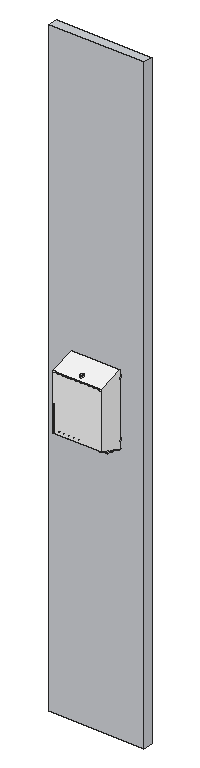
Revit family "IDP_Furniture_DIS913-PAPER TOWEL DISPENSER", category Furniture, host Face, Revit 2026
Family settings
  Host = Face
  Classification Number = 23.40.20.21.17
  Enable Cutting in Views = No
  Cut with Voids When Loaded = No
  Render Appearance Source = Family Geometry
  Shared = Yes
  Room Calculation Point = Yes
Parameters (values of type "DIS913")
  WarrantyStartDate [instance] = "1900-12-31T23:59:59"
  WarrantyGuarantorParts = ""
  WarrantyGuarantorLabor = "n/a"
  WarrantyDurationUnit = ""
  WarrantyDurationParts = ""
  WarrantyDurationLabor = ""
  WarrantyDescription = ""
  Version = "2"  # constant formula
  Uniclass2015_Pr = "Pr_40_70_22_62 : Paper towel dispensers"
  Uniclass2015Version = "Products v1.7"
  Uniclass2015Title = "Paper towel dispensers"
  Uniclass2015Code = "Pr_40_70_22_62"
  Type IFC Predefined Type = "NOTDEFINED"
  TowelsWidth = "250 mm max"
  TowelsTowelType = "C fold or multi-fold interleaved"
  TagNumber [instance] = "n/a"
  SustainabilityPerformance = "n/a"
  Style = "Paper Towel Dispenser"
  Size = "260 x 378 x 124 mm"
  Shape = "n/a"
  SerialNumber [instance] = "n/a"
  SFG20 = ""
  Revision = "n/a"
  ReplacementCost = "n/a"
  Operation = "Manual"
  NominalWidth = 260 mm  # constant formula
  NominalLength = NominalWidth  # 260 mm
  NominalHeight = 378 mm  # constant formula
  NominalDepth = 124 mm  # constant formula
  Name = ""
  NRM3 = ""
  NRM1 = ""
  NBSTypeID = "n/a"
  NBSReference = ""
  NBSOfficeMasterTag = "n/a"
  NBSNote = "n/a"
  NBSDescription = "PAPER TOWEL DISPENSER"
  NBSCertification = ""
  ModelReference = ""
  ModelNumber = "78805"
  MaterialsFinishColour = ""
  MaterialsBody = ""
  Material = ""
  ManufacturerURL = ""
  Manufacturer = ""
  MainColor = ""
  IntegralAccessories = "n/a"
  InstallationDate [instance] = ""
  IfcExportType = "NOTDEFINED"  # constant formula
  IfcExportAs = "IfcFurnitureType"  # constant formula
  Height = 0 mm
  Grade = ""
  Form = "Wall mounted"
  Finish = ""
  Features = ""
  Export Type to IFC As = "IfcFurnitureType"
  ExpectedLife = ""
  EnvironmentalProductDeclaration = "n/a"
  DurationUnit = ""
  DispenserLockMaterial = NBS_Concept
  DispenserCabinetMaterial = NBS_Concept
  Description = "PAPER TOWEL DISPENSER"
  Default Elevation [instance] = 1200 mm
  Constituents = "n/a"
  Color = ""
  CodePerformance = "n/a"
  Category = "Pr_40_70_22_62:Paper towel dispensers"
  BarCode [instance] = "n/a"
  Author = "NBS"  # constant formula
  AssetType = "Fixed"
  AssetIdentifier [instance] = "n/a"
  AccessibilityPerformance = "n/a"
  ADBUserData1 = "R1"
  ADBGroup = "2"
  ADBDescription = "DISPENSER, paper towel, wall mounted"
  ADBCode = "DIS913"
Reference planes
  plane 1 "Center (Front/Back)": y = 0
  plane 2: z = 1076
  plane 3 "Center (Left/Right)": x = 0
  plane 4: x = 130
  plane 5: x = -130
  plane 6: y = 189
  plane 7: y = -189
  plane 8: z = 1200
  plane 9: through (-130, -102.315, 340.534) normal (0, -0.342, 0.9397)
  plane 10: through (-130, -114.754, 38.172) normal (0, -0.342, -0.9397)
  plane 11: y = 1.875
  plane 12: y = -121.125
  plane 13: y = 1.875
  plane 14: y = 1.875
  plane 15: through (-130, -119.672, 39.21) normal (0, 0.342, 0.9397)
  plane 16: through (-130, -124.02, 41.857) normal (0, 0.342, 0.9397)
  plane 17: through (-120, -117.997, 39.665) normal (0, 0.3359, 0.9419)
  plane 18: y = -116.725
  plane 19: y = 0
  plane 20: y = -76.188
  plane 21: y = -49.268
  plane 22: through (0, -49.268, 13.667) normal (0, -0.342, -0.9397)
  plane 23: through (-130, -102.315, 1540.534) normal (0, -0.342, 0.9397)
  plane 24: through (-130, -114.754, 1238.172) normal (0, -0.342, -0.9397)
  plane 25: y = 1.875
  plane 26: y = -121.125
  plane 27: y = 1.875
  plane 28: y = 1.875
  plane 29: through (-130, -119.672, 1239.21) normal (0, 0.342, 0.9397)
  plane 30: through (-130, -124.02, 1241.857) normal (0, 0.342, 0.9397)
  plane 31: through (-120, -117.997, 1239.665) normal (0, 0.3359, 0.9419)
  plane 32: y = -116.725
  plane 33: y = 0
  plane 34: y = -76.188
  plane 35: y = -49.268
  plane 36: through (0, -49.268, 1213.667) normal (0, -0.342, -0.9397)
Forms (mm)
  Extrusion 1, solid
    sketch origin (0, 2.973, 2.973) x (1, 0, 0) y (0, 0, 1)
      loop
        line (-250, 3084.529) -> (-250, -185.527) -> (255.965, -185.527) -> (255.965, 3084.529) -> (-250, 3084.529)
    from 0 to -50
  Extrusion 2, solid, material "NBS_Concept" <- "DispenserCabinetMaterial", not visible, detail levels medium+fine
    sketch origin (-130, 2.973, 189) x (0, 0, 1) y (0, -1, 0)
      loop
        arc (145.134, 122.87) -> (144.451, 123.76) -> (143.381, 124.098) r 1.865
        line (143.381, 124.098) -> (-148.509, 124.098) -> (-188.393, 14.518)
        arc (-188.393, 14.518) -> (-187.188, 5.362) -> (-178.996, 1.098) r 10
        line (-178.996, 1.098) -> (189.456, 1.098) -> (145.134, 122.87)
    from 0 to 260
  Extrusion 3, solid, material "NBS_Concept" <- "DispenserCabinetMaterial", not visible, detail levels medium+fine
    sketch origin (-130, 2.973, 189) x (0, 0, 1) y (0, -1, 0)
      loop
        line (-189, 0) -> (-188, 0) -> (-188, 3.098)
        arc (-188, 3.098) -> (-187.736, 3.734) -> (-187.1, 3.998) r 0.9
        line (-187.1, 3.998) -> (-185.956, 3.998)
        arc (-185.956, 3.998) -> (-186.483, 4.446) -> (-186.913, 4.988) r 3.569
        arc (-186.913, 4.988) -> (-188.376, 4.506) -> (-189, 3.098) r 1.9
        line (-189, 3.098) -> (-189, 0)
    from 0 to 260
  Extrusion 4, solid, not visible, detail levels medium+fine
    sketch origin (-130, 2.973, 189) x (0, 0, 1) y (0, -1, 0)
      loop
        arc (-152.069, 1.098) -> (-151.305, 0.332) -> (-150.276, 0) r 2.303
        line (-150.276, 0) -> (-135.916, 0)
        arc (-135.916, 0) -> (-134.918, 0.382) -> (-134.123, 1.098) r 2.923
        line (-134.123, 1.098) -> (-152.069, 1.098)
      loop
        arc (147.931, 1.098) -> (148.695, 0.332) -> (149.724, 0) r 2.303
        line (149.724, 0) -> (164.084, 0)
        arc (164.084, 0) -> (165.082, 0.382) -> (165.877, 1.098) r 2.923
        line (165.877, 1.098) -> (147.931, 1.098)
    from 0 to 260
  Extrusion 5, solid, material "NBS_Concept" <- "DispenserCabinetMaterial", not visible, detail levels medium+fine
    sketch origin (-130, 2.973, 189) x (0, 0, 1) y (0, -1, 0)
      loop
        line (-174.08, 82.786) -> (-174.654, 81.967) -> (-172.196, 80.246)
        arc (-172.196, 80.246) -> (-166.951, 79.439) -> (-163.116, 83.108) r 6
        line (-163.116, 83.108) -> (-149.164, 121.439) -> (-150.105, 121.782) -> (-164.057, 83.451)
        arc (-164.057, 83.451) -> (-167.251, 80.392) -> (-171.623, 81.065) r 5
        line (-171.623, 81.065) -> (-174.08, 82.786)
      loop
        line (-181.617, 50.518) -> (-181.195, 49.612) -> (-178.476, 50.88)
        arc (-178.476, 50.88) -> (-176.793, 51.323) -> (-175.062, 51.151) r 4.9
        line (-175.062, 51.151) -> (-188.945, 13.008) -> (-188.945, 10.084) -> (-173.759, 51.806) -> (-174.717, 52.092)
        arc (-174.717, 52.092) -> (-176.836, 52.323) -> (-178.898, 51.786) r 5.9
        line (-178.898, 51.786) -> (-181.617, 50.518)
    from 0 to 260
  Extrusion 6, void, not visible
    sketch origin (-120, 2.973, 189) x (0, 0, 1) y (0, -1, 0)
      loop
        line (0, 119.698) -> (-149.789, 119.698) -> (-164.246, 79.161) -> (-165.535, 79.161) -> (-175.333, 52.241) -> (-173.976, 51.877) -> (-186.653, 16.332)
        arc (-186.653, 16.332) -> (-185.406, 7.21) -> (-177.234, 2.973) r 10
        line (-177.234, 2.973) -> (0, 2.973) -> (0, 119.698)
    from -7.461 to 245
  Extrusion 7, void, not visible, detail levels fine
    sketch origin (0, 2.973, 189) x (1, 0, 0) y (0, 0, 1)
      loop
        arc (-3.1, -125.773) -> (-0.1, -128.773) -> (2.9, -125.773) r 3
        line (2.9, -125.773) -> (2.9, -80.773)
        arc (2.9, -80.773) -> (-0.1, -77.773) -> (-3.1, -80.773) r 3
        line (-3.1, -80.773) -> (-3.1, -125.773)
    from 122.198 to 124
  Extrusion 8, solid, material "NBS_Concept" <- "DispenserLockMaterial", not visible, detail levels medium+fine
    sketch origin (0, -149.731, 411.383) x (0, -0.939693, -0.34202) y (1, 0, 0)
      loop
        circle (-32.828, 0.156) r 10
      loop
        circle (-32.828, 0.078) r 6.521
      loop
        line (-28.733, 1.229) -> (-38.464, 1.229) -> (-38.464, -1.03) -> (-28.733, -1.03) -> (-28.733, 1.229)
    from -80.934 to -82.794
  Extrusion 9, solid, material "NBS_Concept" <- "DispenserCabinetMaterial", detail levels medium+fine
    sketch origin (-130, 2.973, 1389) x (0, 0, 1) y (0, -1, 0)
      loop
        arc (145.134, 122.87) -> (144.451, 123.76) -> (143.381, 124.098) r 1.865
        line (143.381, 124.098) -> (-148.509, 124.098) -> (-188.393, 14.518)
        arc (-188.393, 14.518) -> (-187.188, 5.362) -> (-178.996, 1.098) r 10
        line (-178.996, 1.098) -> (189.456, 1.098) -> (145.134, 122.87)
    from 0 to 260
  Extrusion 10, solid, material "NBS_Concept" <- "DispenserCabinetMaterial", detail levels medium+fine
    sketch origin (-130, 2.973, 1389) x (0, 0, 1) y (0, -1, 0)
      loop
        line (-189, 0) -> (-188, 0) -> (-188, 3.098)
        arc (-188, 3.098) -> (-187.736, 3.734) -> (-187.1, 3.998) r 0.9
        line (-187.1, 3.998) -> (-185.956, 3.998)
        arc (-185.956, 3.998) -> (-186.483, 4.446) -> (-186.913, 4.988) r 3.569
        arc (-186.913, 4.988) -> (-188.376, 4.506) -> (-189, 3.098) r 1.9
        line (-189, 3.098) -> (-189, 0)
    from 0 to 260
  Extrusion 11, solid, detail levels medium+fine
    sketch origin (-130, 2.973, 1389) x (0, 0, 1) y (0, -1, 0)
      loop
        arc (-152.069, 1.098) -> (-151.305, 0.332) -> (-150.276, 0) r 2.303
        line (-150.276, 0) -> (-135.916, 0)
        arc (-135.916, 0) -> (-134.918, 0.382) -> (-134.123, 1.098) r 2.923
        line (-134.123, 1.098) -> (-152.069, 1.098)
      loop
        arc (147.931, 1.098) -> (148.695, 0.332) -> (149.724, 0) r 2.303
        line (149.724, 0) -> (164.084, 0)
        arc (164.084, 0) -> (165.082, 0.382) -> (165.877, 1.098) r 2.923
        line (165.877, 1.098) -> (147.931, 1.098)
    from 0 to 260
  Extrusion 12, solid, material "NBS_Concept" <- "DispenserCabinetMaterial", detail levels medium+fine
    sketch origin (-130, 2.973, 1389) x (0, 0, 1) y (0, -1, 0)
      loop
        line (-174.08, 82.786) -> (-174.654, 81.967) -> (-172.196, 80.246)
        arc (-172.196, 80.246) -> (-166.951, 79.439) -> (-163.116, 83.108) r 6
        line (-163.116, 83.108) -> (-149.164, 121.439) -> (-150.105, 121.782) -> (-164.057, 83.451)
        arc (-164.057, 83.451) -> (-167.251, 80.392) -> (-171.623, 81.065) r 5
        line (-171.623, 81.065) -> (-174.08, 82.786)
      loop
        line (-181.617, 50.518) -> (-181.195, 49.612) -> (-178.476, 50.88)
        arc (-178.476, 50.88) -> (-176.793, 51.323) -> (-175.062, 51.151) r 4.9
        line (-175.062, 51.151) -> (-188.945, 13.008) -> (-188.945, 10.084) -> (-173.759, 51.806) -> (-174.717, 52.092)
        arc (-174.717, 52.092) -> (-176.836, 52.323) -> (-178.898, 51.786) r 5.9
        line (-178.898, 51.786) -> (-181.617, 50.518)
    from 0 to 260
  Extrusion 13, void
    sketch origin (-120, 2.973, 1389) x (0, 0, 1) y (0, -1, 0)
      loop
        line (0, 119.698) -> (-149.789, 119.698) -> (-164.246, 79.161) -> (-165.535, 79.161) -> (-175.333, 52.241) -> (-173.976, 51.877) -> (-186.653, 16.332)
        arc (-186.653, 16.332) -> (-185.406, 7.21) -> (-177.234, 2.973) r 10
        line (-177.234, 2.973) -> (0, 2.973) -> (0, 119.698)
    from -7.461 to 245
  Extrusion 14, void, detail levels fine
    sketch origin (0, 2.973, 1389) x (1, 0, 0) y (0, 0, 1)
      loop
        arc (-3.1, -125.773) -> (-0.1, -128.773) -> (2.9, -125.773) r 3
        line (2.9, -125.773) -> (2.9, -80.773)
        arc (2.9, -80.773) -> (-0.1, -77.773) -> (-3.1, -80.773) r 3
        line (-3.1, -80.773) -> (-3.1, -125.773)
    from 122.198 to 124
  Extrusion 15, solid, material "NBS_Concept" <- "DispenserLockMaterial", detail levels medium+fine
    sketch origin (0, -149.731, 1611.383) x (0, -0.939693, -0.34202) y (1, 0, 0)
      loop
        circle (-32.828, 0.156) r 10
      loop
        circle (-32.828, 0.078) r 6.521
      loop
        line (-28.733, 1.229) -> (-38.464, 1.229) -> (-38.464, -1.03) -> (-28.733, -1.03) -> (-28.733, 1.229)
    from -80.934 to -82.794
Cuts and joins
  Extrusion 13 cuts Extrusion 9
Dimensions and locks
  "NominalWidth": plane 5 to plane 4
  "NominalHeight": plane 7 to plane 6
  "Default Elevation": plane 8 to level
  aligned and locked: Extrusion 2 sketch curve to plane 9
  aligned and locked: Extrusion 2 sketch curve to plane 10
  aligned and locked: Extrusion 2 sketch curve to plane 11
  aligned and locked: Extrusion 2 sketch curve to plane 12
  aligned and locked: Extrusion 4 sketch curve to plane 13
  aligned and locked: Extrusion 4 sketch curve to plane 14
  aligned and locked: Extrusion 5 sketch curve to plane 16
  aligned and locked: Extrusion 6 sketch curve to plane 18
  aligned and locked: Extrusion 6 sketch curve to plane 17
  aligned and locked: Extrusion 6 sketch curve to plane 19
  aligned and locked: Extrusion 6 sketch curve to plane 20
  aligned and locked: Extrusion 6 sketch curve to plane 22
  aligned and locked: Extrusion 9 sketch curve to plane 23
  aligned and locked: Extrusion 9 sketch curve to plane 24
  aligned and locked: Extrusion 9 sketch curve to plane 25
  aligned and locked: Extrusion 9 sketch curve to plane 26
  aligned and locked: Extrusion 11 sketch curve to plane 27
  aligned and locked: Extrusion 11 sketch curve to plane 28
  aligned and locked: Extrusion 12 sketch curve to plane 30
  aligned and locked: Extrusion 13 sketch curve to plane 32
  aligned and locked: Extrusion 13 sketch curve to plane 31
  aligned and locked: Extrusion 13 sketch curve to plane 33
  aligned and locked: Extrusion 13 sketch curve to plane 34
  aligned and locked: Extrusion 13 sketch curve to plane 36
  aligned and locked: Extrusion 10 to plane 8
Automatic sketch dimensions
  Extrusion 1 sketch curve to Extrusion 1 sketch curve = 505.965 mm
  Extrusion 1 sketch curve to Extrusion 1 sketch curve = 3270.056 mm
  plane 12 to Extrusion 2 sketch curve = 1.865 mm  (x3)
  plane 12 to Extrusion 2 sketch curve = 1.227 mm  (x3)
  Extrusion 3 sketch curve to Extrusion 3 sketch curve = 0 mm  (x11)
  Extrusion 3 sketch curve to Extrusion 3 sketch curve = 1 mm  (x3)
  Extrusion 3 sketch curve to Extrusion 3 sketch curve = 0.9 mm  (x3)
  Extrusion 3 sketch curve to Extrusion 3 sketch curve = 1.144 mm  (x3)
  Extrusion 3 sketch curve to Extrusion 3 sketch curve = 2.04 mm  (x3)
  Extrusion 3 sketch curve to Extrusion 3 sketch curve = 2.929 mm  (x3)
  Extrusion 4 sketch curve to Extrusion 4 sketch curve = 1.793 mm  (x8)
  Extrusion 4 sketch curve to Extrusion 4 sketch curve = 1.967 mm  (x4)
  Extrusion 4 sketch curve to Extrusion 4 sketch curve = 13.659 mm  (x6)
  Extrusion 4 sketch curve to Extrusion 4 sketch curve = 0.528 mm  (x6)
  Extrusion 5 sketch curve to Extrusion 5 sketch curve = 0 mm  (x16)
  Extrusion 5 sketch curve to Extrusion 5 sketch curve = 0.423 mm  (x6)
  Extrusion 5 sketch curve to Extrusion 5 sketch curve = 2.719 mm  (x3)
  Extrusion 5 sketch curve to Extrusion 5 sketch curve = 2.071 mm  (x3)
  Extrusion 5 sketch curve to Extrusion 5 sketch curve = 3.414 mm  (x3)
  Extrusion 5 sketch curve to Extrusion 5 sketch curve = 0.344 mm  (x3)
  Extrusion 5 sketch curve to Extrusion 5 sketch curve = 0.574 mm  (x6)
  Extrusion 5 sketch curve to Extrusion 5 sketch curve = 0.958 mm  (x3)
  Extrusion 5 sketch curve to Extrusion 5 sketch curve = 2.457 mm  (x3)
  Extrusion 5 sketch curve to Extrusion 5 sketch curve = 2.868 mm  (x3)
  Extrusion 5 sketch curve to Extrusion 5 sketch curve = 4.698 mm  (x3)
  Extrusion 5 sketch curve to Extrusion 5 sketch curve = 0.941 mm  (x4)
  Extrusion 5 sketch curve to Extrusion 5 sketch curve = 0.665 mm
  Extrusion 5 sketch curve to Extrusion 5 sketch curve = 0.819 mm  (x3)
  Extrusion 5 sketch curve to Extrusion 5 sketch curve = 28.154 mm
  Extrusion 5 sketch curve to Extrusion 5 sketch curve = 0.286 mm  (x3)
  Extrusion 5 sketch curve to Extrusion 5 sketch curve = 0.306 mm
  Extrusion 5 sketch curve to Extrusion 5 sketch curve = 2.924 mm  (x3)
  Extrusion 5 sketch curve to Extrusion 5 sketch curve = 0.94 mm  (x3)
  Extrusion 5 sketch curve to Extrusion 5 sketch curve = 0.001 mm  (x3)
  Extrusion 6 sketch curve to plane 17 = 0 mm  (x6)
  Extrusion 6 sketch curve to plane 21 = 0 mm  (x3)
  Extrusion 6 sketch curve to plane 21 = 0.364 mm  (x3)
  Extrusion 8 sketch curve to Extrusion 8 sketch curve = 5.636 mm  (x3)
  Extrusion 8 sketch curve to Extrusion 8 sketch curve = 0 mm  (x3)
  Extrusion 8 sketch curve to Extrusion 8 sketch curve = 4.095 mm  (x3)
  Extrusion 8 sketch curve to Extrusion 8 sketch curve = 0.078 mm  (x3)
  Extrusion 2 sketch curve to Extrusion 2 sketch curve = 30.487 mm  (x3)
  Extrusion 2 sketch curve to plane 11 = 13.42 mm  (x3)
  Extrusion 3 sketch curve to Extrusion 3 sketch curve = 3.098 mm  (x3)
  Extrusion 4 sketch curve to Extrusion 4 sketch curve = 282.054 mm  (x3)
  Extrusion 4 sketch curve to plane 13 = 1.098 mm  (x2)
  plane 16 to Extrusion 5 sketch curve = 0.705 mm  (x3)
  Extrusion 5 sketch curve to Extrusion 5 sketch curve = 7.327 mm  (x3)
  Extrusion 5 sketch curve to Extrusion 5 sketch curve = 0.063 mm  (x3)
  Extrusion 5 sketch curve to Extrusion 5 sketch curve = 13.951 mm  (x3)
  plane 19 to Extrusion 6 sketch curve = 10 mm  (x3)
  plane 19 to Extrusion 6 sketch curve = 13.359 mm  (x3)
  Extrusion 6 sketch curve to Extrusion 6 sketch curve = 149.789 mm  (x3)
  Extrusion 7 sketch curve to Extrusion 7 sketch curve = 3 mm  (x3)
  Extrusion 7 sketch curve to Extrusion 7 sketch curve = 45 mm  (x3)
  Extrusion 8 sketch curve to Extrusion 8 sketch curve = 1.108 mm  (x3)
  Extrusion 8 sketch curve to Extrusion 8 sketch curve = 2.259 mm  (x3)
  plane 13 to Extrusion 4 sketch curve = 1.199 mm  (x4)
  plane 13 to Extrusion 4 sketch curve = 1.777 mm  (x4)
  Extrusion 4 sketch curve to Extrusion 4 sketch curve = 0.174 mm  (x2)
  Extrusion 5 sketch curve to Extrusion 5 sketch curve = 33.431 mm  (x2)
  Extrusion 5 sketch curve to Extrusion 5 sketch curve = 3.173 mm  (x2)
  Extrusion 5 sketch curve to Extrusion 5 sketch curve = 0.906 mm  (x2)
  Extrusion 5 sketch curve to Extrusion 5 sketch curve = 3.205 mm  (x2)
  Extrusion 9 sketch curve to Extrusion 9 sketch curve = 30.487 mm
  Extrusion 9 sketch curve to plane 25 = 13.42 mm
  plane 26 to Extrusion 9 sketch curve = 1.865 mm
  plane 26 to Extrusion 9 sketch curve = 1.227 mm
  Extrusion 10 sketch curve to Extrusion 10 sketch curve = 0 mm  (x3)
  Extrusion 10 sketch curve to Extrusion 10 sketch curve = 1 mm
  Extrusion 10 sketch curve to Extrusion 10 sketch curve = 0.9 mm
  Extrusion 10 sketch curve to Extrusion 10 sketch curve = 1.144 mm
  Extrusion 10 sketch curve to Extrusion 10 sketch curve = 2.04 mm
  Extrusion 10 sketch curve to Extrusion 10 sketch curve = 3.098 mm
  Extrusion 10 sketch curve to Extrusion 10 sketch curve = 2.929 mm
  Extrusion 11 sketch curve to Extrusion 11 sketch curve = 1.793 mm  (x2)
  plane 27 to Extrusion 11 sketch curve = 1.199 mm  (x2)
  Extrusion 11 sketch curve to Extrusion 11 sketch curve = 1.967 mm
  plane 27 to Extrusion 11 sketch curve = 1.777 mm  (x2)
  Extrusion 11 sketch curve to Extrusion 11 sketch curve = 13.659 mm  (x2)
  Extrusion 11 sketch curve to Extrusion 11 sketch curve = 0.528 mm  (x2)
  Extrusion 11 sketch curve to Extrusion 11 sketch curve = 282.054 mm
  Extrusion 11 sketch curve to Extrusion 11 sketch curve = 0.174 mm
  Extrusion 12 sketch curve to Extrusion 12 sketch curve = 0 mm  (x4)
  plane 30 to Extrusion 12 sketch curve = 0.705 mm
  Extrusion 12 sketch curve to Extrusion 12 sketch curve = 7.327 mm
  Extrusion 12 sketch curve to Extrusion 12 sketch curve = 0.423 mm  (x2)
  Extrusion 12 sketch curve to Extrusion 12 sketch curve = 2.719 mm
  Extrusion 12 sketch curve to Extrusion 12 sketch curve = 2.071 mm
  Extrusion 12 sketch curve to Extrusion 12 sketch curve = 3.414 mm
  Extrusion 12 sketch curve to Extrusion 12 sketch curve = 0.344 mm
  Extrusion 12 sketch curve to Extrusion 12 sketch curve = 0.063 mm
  Extrusion 12 sketch curve to Extrusion 12 sketch curve = 0.574 mm  (x2)
  Extrusion 12 sketch curve to Extrusion 12 sketch curve = 0.958 mm
  Extrusion 12 sketch curve to Extrusion 12 sketch curve = 2.457 mm
  Extrusion 12 sketch curve to Extrusion 12 sketch curve = 2.868 mm
  Extrusion 12 sketch curve to Extrusion 12 sketch curve = 4.698 mm
  Extrusion 12 sketch curve to Extrusion 12 sketch curve = 13.951 mm
  Extrusion 12 sketch curve to Extrusion 12 sketch curve = 0.941 mm
  Extrusion 12 sketch curve to Extrusion 12 sketch curve = 2.924 mm
  Extrusion 12 sketch curve to Extrusion 12 sketch curve = 33.431 mm
  Extrusion 12 sketch curve to Extrusion 12 sketch curve = 3.173 mm
  Extrusion 12 sketch curve to Extrusion 12 sketch curve = 0.906 mm
  Extrusion 12 sketch curve to Extrusion 12 sketch curve = 0.286 mm
  Extrusion 12 sketch curve to Extrusion 12 sketch curve = 3.205 mm
  Extrusion 12 sketch curve to Extrusion 12 sketch curve = 0.819 mm
  Extrusion 12 sketch curve to Extrusion 12 sketch curve = 0.94 mm
  Extrusion 12 sketch curve to Extrusion 12 sketch curve = 0.001 mm
  Extrusion 13 sketch curve to plane 31 = 0 mm  (x2)
  Extrusion 13 sketch curve to plane 35 = 0 mm
  plane 33 to Extrusion 13 sketch curve = 10 mm
  plane 33 to Extrusion 13 sketch curve = 13.359 mm
  Extrusion 13 sketch curve to plane 35 = 0.364 mm
  Extrusion 13 sketch curve to Extrusion 13 sketch curve = 149.789 mm
  Extrusion 14 sketch curve to Extrusion 14 sketch curve = 3 mm
  Extrusion 14 sketch curve to Extrusion 14 sketch curve = 45 mm
  Extrusion 15 sketch curve to Extrusion 15 sketch curve = 5.636 mm
  Extrusion 15 sketch curve to Extrusion 15 sketch curve = 0 mm
  Extrusion 15 sketch curve to Extrusion 15 sketch curve = 4.095 mm
  Extrusion 15 sketch curve to Extrusion 15 sketch curve = 1.108 mm
  Extrusion 15 sketch curve to Extrusion 15 sketch curve = 0.078 mm
  Extrusion 15 sketch curve to Extrusion 15 sketch curve = 2.259 mm
  radius of Extrusion 8 sketch curve = 10 mm  (x3)
  radius of Extrusion 8 sketch curve = 6.521 mm  (x3)
  radius of Extrusion 15 sketch curve = 10 mm
  radius of Extrusion 15 sketch curve = 6.521 mm
